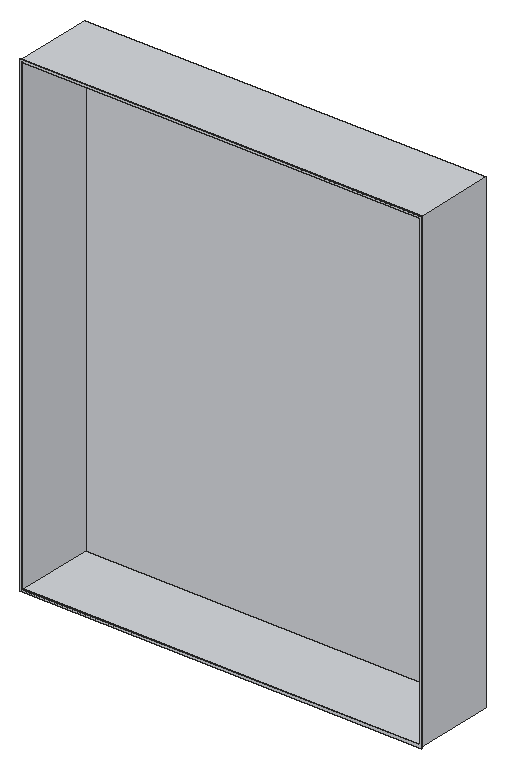
Revit family "Univers-IP30-leer-Unterputz-NoHosted-AT-de", category Electrical Equipment, Revit 2020
Family settings
  Panel Configuration = Two Columns, Circuits Across
  Round Connector Dimension = Use Diameter
  Part Type = Panelboard
  Work Plane-Based = Yes
  Always vertical = Yes
  Cut with Voids When Loaded = No
  Shared = No
  Room Calculation Point = No
Parameters (values of type "Unterputz IP30 B800 H950 T160 0 Teilungseinheiten - FWQ63D1")
  Width Control [instance] = if([HG000006 - Unterputz], if([EF000846 - Einbaubreite] > min_whd, [EF000846 - Einbaubreite], min_whd), if([EF000008 - Breite] > min_whd, ([EF000008 - Breite]), min_whd))  # 800 mm
  Void Depth [instance] = if([EF000218 - Einbautiefe] > 1 mm, [EF000218 - Einbautiefe], 1 mm)  # 160 mm
  Type Comments = [HG000003 - Bereich]  # "Univers"
  System Height [instance] = Height Control - 2 * [HG000005 - Dicke]  # 944 mm
  Panel Name [instance] = ""  # (empty or 0)
  Offset [instance] = 0 mm
  Model = [HG000004 - Herstellerreferenz]  # "FWQ63D1"
  Level Offset [instance] = [Flush Mounted - Door Frame Width] + Offset  # 0 mm
  HG000011 - Leere Reihen von unten = no
  HG000010 - Asymmetrische Türen = no
  HG000009 - Doppelflügeligen Tür = no
  HG000008 - Anzahl der leeren Reihen = 0
  HG000007 - Anzahl der leeren Spalten = 0
  HG000006 - Unterputz = yes
  HG000005 - Dicke = 3 mm  # constant formula
  HG000004 - Herstellerreferenz = "FWQ63D1"
  HG000003 - Bereich = "Univers"
  HG000002 - Mit tür = no
  HG000001 - Anzahl der Spalten = 0
  EF015941 - Signaldurchlassende Tür = no
  EF015777 - Neutralleiterklemmenblock = no
  EF015776 - Erdungsklemmenblock = no
  EF009212 - Ausführung Deckel = "EV009916 - mit Ausschnitt"
  EF006306 - Mit Schloss = no
  EF006244 - Transparenter Deckel/Tür = no
  EF005474 - Schutzart (IP) = "EV006410 - IP30"
  EF004462 - Art der Schließung = "EV000154 - sonstige"
  EF002950 - Breite in Teilungseinheiten = 0
  EF001596 - Werkstoff des Gehäuses = "EV000179 - Stahl"
  EF001134 - DIN-Schiene = no
  EF001131 - Innentiefe = 160 mm
  EF001088 - Anbaumöglichkeit = no
  EF001062 - EMV-Ausführung = no
  EF000846 - Einbaubreite = 800 mm
  EF000339 - Art der Abdeckung = "EV000494 - ohne"
  EF000332 - Einbauhöhe = 950 mm
  EF000266 - Anzahl der Reihen = 0
  EF000218 - Einbautiefe = 160 mm
  EF000118 - Mit Montageplatte = yes
  EF000116 - RAL-Nummer = "9010"
  EF000049 - Tiefe = 160 mm
  EF000040 - Höhe = 950 mm
  EF000008 - Breite = 800 mm
  EF000007 - Farbe = "EV000202 - weiß"
  EF000003 - Montageart = "EV001247 - Aufputz/Unterputz"
  Description = ""
  Default Elevation = 1219.2 mm
  Arrow Offset [instance] = Depth Control / 8  # 20 mm
  Arrow Height [instance] = Depth Control - Arrow Offset  # 140 mm
  Host Offset [instance] = if([HG000006 - Unterputz], 0 mm, [EF000049 - Tiefe])  # 0 mm
  min_whd [instance] = (2 * [HG000005 - Dicke]) + 1 mm  # 7 mm
  Manufacturer = "Hager"  # constant formula
  Height Control [instance] = if([HG000006 - Unterputz], if([EF000332 - Einbauhöhe] > min_whd, [EF000332 - Einbauhöhe], min_whd), if([EF000040 - Höhe] > min_whd, ([EF000040 - Höhe]), min_whd))  # 950 mm
  Flush Mounted - Door Frame Width [instance] = if(([EF000040 - Höhe] - [EF000332 - Einbauhöhe]) > 0 mm, if([HG000006 - Unterputz], [EF000040 - Höhe] - [EF000332 - Einbauhöhe], 0 mm), 0 mm)  # 0 mm
  Tür rechts [instance] = yes
  Tür links [instance] = not(Tür rechts)  # no
  Türschwenkwinkel [instance] = 45.00°
  3D-Türsichtbarkeit [instance] = yes
  Depth Control [instance] = if([HG000006 - Unterputz], if([EF000218 - Einbautiefe] > 0 mm, [EF000218 - Einbautiefe], 1 mm), if([EF000049 - Tiefe] > 0 mm, ([EF000049 - Tiefe]), 1 mm))  # 160 mm
  Sichtbarkeit der Türöffnung [instance] = no
Types (20, lengths in mm): name | Width Control | Void Depth | System Height | Model | HG000004 - Herstellerreferenz | EF001131 - Innentiefe | EF000846 - Einbaubreite | EF000332 - Einbauhöhe | EF000218 - Einbautiefe | EF000118 - Mit Montageplatte | EF000049 - Tiefe | EF000040 - Höhe | EF000008 - Breite | Arrow Offset | Arrow Height | Height Control | Depth Control
  Unterputz IP30 B1050 H1100 T161 0 Teilungseinheiten - FWQ74D1 | 1050 | 161 | 1094 | "FWQ74D1" | "FWQ74D1" | 161 | 1050 | 1100 | 161 | yes | 161 | 1100 | 1050 | 20.125 | 140.875 | 1100 | 161
  Unterputz IP30 B1050 H650 T160 0 Teilungseinheiten - FWQ34D1 | 1050 | 160 | 644 | "FWQ34D1" | "FWQ34D1" | 160 | 1050 | 650 | 160 | yes | 160 | 650 | 1050 | 20 | 140 | 650 | 160
  Unterputz IP30 B1050 H650 T160 0 Teilungseinheiten - FWQ44D1 | 1050 | 160 | 644 | "FWQ44D1" | "FWQ44D1" | 160 | 1050 | 650 | 160 | yes | 160 | 650 | 1050 | 20 | 140 | 650 | 160
  Unterputz IP30 B1050 H800 T160 0 Teilungseinheiten - FWQ54D1 | 1050 | 160 | 794 | "FWQ54D1" | "FWQ54D1" | 160 | 1050 | 800 | 160 | yes | 160 | 800 | 1050 | 20 | 140 | 800 | 160
  Unterputz IP30 B1050 H950 T160 0 Teilungseinheiten - FWQ64D1 | 1050 | 160 | 944 | "FWQ64D1" | "FWQ64D1" | 160 | 1050 | 950 | 160 | yes | 160 | 950 | 1050 | 20 | 140 | 950 | 160
  Unterputz IP30 B300 H1100 T160 0 Teilungseinheiten - FWQ71D1 | 300 | 160 | 1094 | "FWQ71D1" | "FWQ71D1" | 160 | 300 | 1100 | 160 | yes | 160 | 1100 | 300 | 20 | 140 | 1100 | 160
  Unterputz IP30 B300 H500 T160 0 Teilungseinheiten - FWQ31D1 | 300 | 160 | 494 | "FWQ31D1" | "FWQ31D1" | 160 | 300 | 500 | 160 | yes | 160 | 500 | 300 | 20 | 140 | 500 | 160
  Unterputz IP30 B300 H650 T160 0 Teilungseinheiten - FWQ41D1 | 300 | 160 | 644 | "FWQ41D1" | "FWQ41D1" | 160 | 300 | 650 | 160 | yes | 160 | 650 | 300 | 20 | 140 | 650 | 160
  Unterputz IP30 B300 H800 T160 0 Teilungseinheiten - FWQ51D1 | 300 | 160 | 794 | "FWQ51D1" | "FWQ51D1" | 160 | 300 | 800 | 160 | yes | 160 | 800 | 300 | 20 | 140 | 800 | 160
  Unterputz IP30 B300 H950 T160 0 Teilungseinheiten - FWQ61D1 | 300 | 160 | 944 | "FWQ61D1" | "FWQ61D1" | 160 | 300 | 950 | 160 | yes | 160 | 950 | 300 | 20 | 140 | 950 | 160
  Unterputz IP30 B550 H1100 T160 0 Teilungseinheiten - FWQ72D1 | 550 | 160 | 1094 | "FWQ72D1" | "FWQ72D1" | 160 | 550 | 1100 | 160 | yes | 160 | 1100 | 550 | 20 | 140 | 1100 | 160
  Unterputz IP30 B550 H500 T160 0 Teilungseinheiten - FWQ32D1 | 550 | 160 | 494 | "FWQ32D1" | "FWQ32D1" | 160 | 550 | 500 | 160 | yes | 160 | 500 | 550 | 20 | 140 | 500 | 160
  Unterputz IP30 B550 H650 T160 0 Teilungseinheiten - FWQ42D1 | 550 | 160 | 644 | "FWQ42D1" | "FWQ42D1" | 160 | 550 | 650 | 160 | yes | 160 | 650 | 550 | 20 | 140 | 650 | 160
  Unterputz IP30 B550 H800 T160 0 Teilungseinheiten - FWQ52D1 | 550 | 160 | 794 | "FWQ52D1" | "FWQ52D1" | 160 | 550 | 800 | 160 | yes | 160 | 800 | 550 | 20 | 140 | 800 | 160
  Unterputz IP30 B550 H950 T160 0 Teilungseinheiten - FWQ62D1 | 550 | 160 | 944 | "FWQ62D1" | "FWQ62D1" | 160 | 550 | 950 | 160 | yes | 160 | 950 | 550 | 20 | 140 | 950 | 160
  Unterputz IP30 B800 H1100 T161 0 Teilungseinheiten - FWQ73D1 | 800 | 161 | 1094 | "FWQ73D1" | "FWQ73D1" | 161 | 800 | 1100 | 161 | yes | 161 | 1100 | 800 | 20.125 | 140.875 | 1100 | 161
  Unterputz IP30 B800 H500 T160 0 Teilungseinheiten - FWQ33D1 | 800 | 160 | 494 | "FWQ33D1" | "FWQ33D1" | 156 | 800 | 500 | 160 | no | 160 | 500 | 800 | 20 | 140 | 500 | 160
  Unterputz IP30 B800 H650 T160 0 Teilungseinheiten - FWQ43D1 | 800 | 160 | 644 | "FWQ43D1" | "FWQ43D1" | 160 | 800 | 650 | 160 | yes | 160 | 650 | 800 | 20 | 140 | 650 | 160
  Unterputz IP30 B800 H800 T160 0 Teilungseinheiten - FWQ53D1 | 800 | 160 | 794 | "FWQ53D1" | "FWQ53D1" | 160 | 800 | 800 | 160 | yes | 160 | 800 | 800 | 20 | 140 | 800 | 160
  Unterputz IP30 B800 H950 T160 0 Teilungseinheiten - FWQ63D1 | 800 | 160 | 944 | "FWQ63D1" | "FWQ63D1" | 160 | 800 | 950 | 160 | yes | 160 | 950 | 800 | 20 | 140 | 950 | 160
Reference planes
  plane 1 "Center (Front/Back)": y = 0
  plane 2: z = 0
  plane 3 "Center (Left/Right)": x = 0
  plane 4: y = 3
  plane 5: y = 160
  plane 6: y = 0
  plane 7: z = 0
  plane 8: x = -400
  plane 9: x = 400
  plane 10: x = 397
  plane 11: x = -397
  plane 12: z = 0
  plane 13: z = 3
  plane 14: y = 5
  plane 15: y = 0
  plane 16: y = 157
  plane 17: z = 947
  plane 18: z = 950
  plane 19: z = 475
  plane 20: x = 2000
  plane 21: x = 0
  plane 22: y = -2100
  plane 23: y = -100
Forms (mm)
  Extrusion 1, solid
    sketch origin (-208.679, -4572, 0) x (-1, 0, 0) y (0, -1, 0)
      loop
        line (191.321, -4572) -> (-608.679, -4572) -> (-608.679, -4732) -> (191.321, -4732) -> (191.321, -4572)
    from 0 to 950 <- "Height Control"
  Extrusion 2, void
    sketch origin (-350.771, 0, 1219.2) x (1, 0, 0) y (0, 0, 1)
      loop
        line (-46.229, -272.2) -> (-46.229, -1216.2) -> (747.771, -1216.2) -> (747.771, -272.2) -> (-46.229, -272.2)
    from 0 to -157
  Extrusion 3, solid, detail levels coarse
    sketch origin (-350.771, 0, 1219.2) x (-1, 0, 0) y (0, 0, 1)
      loop
        line (46.229, -272.2) -> (-747.771, -272.2) -> (-747.771, -1216.2) -> (46.229, -1216.2) -> (46.229, -272.2)
    from 0 to 3 <- "HG000005 - Dicke"
Cuts and joins
  Extrusion 2 cuts Extrusion 1
Dimensions and locks
  "Flush Mounted - Door Frame Width": plane 1 "Center (Front/Back)" to plane 6
  "HG000005 - Dicke": plane 4 to plane 6
  "HG000005 - Dicke": plane 8 to plane 11
  "HG000005 - Dicke": plane 9 to plane 10
  equal spacing: plane 8, plane 3 "Center (Left/Right)", plane 9
  "Width Control": plane 8 to plane 9
  locked: plane 14 to plane 15 at 5
  "Host Offset": plane 1 "Center (Front/Back)" to plane 15
  "Depth Control": plane 5 to plane 15
  "HG000005 - Dicke": plane 5 to plane 16
  "HG000005 - Dicke": plane 13 to plane 12
  "Level Offset": plane 12 to level
  "HG000005 - Dicke": plane 18 to plane 17
  "Height Control": plane 18 to plane 12
  "Arrow Offset": plane 5 to nested 4
  equal spacing: plane 18, plane 19, plane 12
  locked: connector elem to plane 19
  locked: connector elem to plane 3 "Center (Left/Right)"
  locked: plane 3 "Center (Left/Right)" to plane 20 at 2000
  locked: plane 21 to plane 20 at 2000
  locked: plane 23 to plane 22 at 2000
  aligned and locked: nested 1 to plane 14
  aligned and locked: plane 3 "Center (Left/Right)" to nested 1
  aligned and locked: plane 3 "Center (Left/Right)" to nested 2
  aligned and locked: nested 2 to plane 15
  aligned and locked: Extrusion 1 to plane 5
  aligned and locked: Extrusion 3 sketch curve to plane 17
  aligned and locked: Extrusion 3 sketch curve to plane 11
  aligned and locked: Extrusion 3 sketch curve to plane 13
  aligned and locked: Extrusion 3 sketch curve to plane 10
  aligned and locked: Extrusion 2 sketch curve to plane 13
  aligned and locked: Extrusion 2 sketch curve to plane 10
  aligned and locked: Extrusion 2 sketch curve to plane 17
  aligned and locked: Extrusion 2 sketch curve to plane 11
  aligned and locked: plane 16 to Extrusion 2
  aligned and locked: Extrusion 1 sketch curve to plane 5
  aligned and locked: plane 9 to Extrusion 1 sketch curve
  aligned and locked: plane 8 to Extrusion 1 sketch curve
  aligned and locked: plane 8 to nested 4
  aligned and locked: nested 3 to plane 8
  aligned and locked: nested 3 to plane 5
  aligned and locked: Extrusion 1 sketch curve to plane 15
  aligned and locked: Extrusion 2 to plane 15
Nested families
  nested 1: "Hager_Enclosure_System" at (0, 5, 3), No_Columns <- "HG000001 - Anzahl der Spalten", Flush_Mounted <- "HG000006 - Unterputz", Width <- "EF000008 - Breite", Height <- "System Height", Width_Control <- "Width Control", Row_Module_Multiplicator <- "EF002950 - Breite in Teilungseinheiten", Empty_Columns <- "HG000007 - Anzahl der leeren Spalten", No_Rows <- "EF000266 - Anzahl der Reihen", Built-in_Width <- "EF000846 - Einbaubreite", Border <- "HG000005 - Dicke", Total_No_Empty_Rows <- "HG000008 - Anzahl der leeren Reihen", Depth <- "HG000005 - Dicke", Empty_Rows_From_Bottom <- "HG000011 - Leere Reihen von unten", type "Hager_Enclosure_System", detail levels medium+fine
    with Width_Control 800 mm, Width 800 mm, Total_No_Rows 0, Total_No_Empty_Rows 0, Total_No_Columns 1, System_Width 794 mm, Rows_Column 0, Row_Module_Multiplicator 0, Panel_4 no, Panel_3 no, Panel_2 no, Panel_1 no, No_Rows 0, No_Panels_Ctrl 1, No_Columns 0, Hide_Columns yes, Height 944 mm, Flush_Mounted yes, Empty_Rows_From_Bottom no, Empty_Rows_Column 0, Empty_Columns 0, Depth 3 mm, Column_Width 794 mm, Built-in_Width 800 mm, Border 3 mm
  nested 2: "Hager_Enclosure_Door" at (0, 0, 0), Double <- "HG000009 - Doppelflügeligen Tür", Height_Ctrl <- "Height Control", Transparent <- "EF006244 - Transparenter Deckel/Tür", Depth <- "EF000049 - Tiefe", Height <- "EF000040 - Höhe", Angle <- "Türschwenkwinkel", Door_Right <- "Tür rechts", Assymetrical <- "HG000010 - Asymmetrische Türen", Flush_Mounted <- "HG000006 - Unterputz", BuiltIn_Depth <- "EF000218 - Einbautiefe", BuiltIn_Width <- "EF000846 - Einbaubreite", Door <- "HG000002 - Mit tür", Width_Ctrl <- "Width Control", 3d_Door <- "3D-Türsichtbarkeit", Width <- "EF000008 - Breite", Border <- "HG000005 - Dicke", BuiltIn_Height <- "EF000332 - Einbauhöhe", Clearance <- "Sichtbarkeit der Türöffnung", Door_Left <- "Tür links", type "Hager_Enclosure_Door", detail levels medium+fine
    with min_wh 7 mm, Width_Ctrl 800 mm, Width 800 mm, Transparent no, Leaf_Width 791 mm, Leaf_Tolerance 1.5 mm, Leaf_Height 941 mm, Leaf_2_Width 791 mm, Leaf_2_Offset 395.5 mm, Leaf_1_Width 791 mm, Leaf_1_Offset 395.5 mm, Height_Ctrl 950 mm, Height 950 mm, Frame_Width_Ctrl 1 mm, Frame_Width 0 mm, Frame_Internal_Offset 3 mm, Frame_Height_Ctrl 1 mm, Frame_Height 0 mm, Frame_Depth_Ctrl 1 mm, Frame_Depth 0 mm, Flush_Mounted yes, Double_Clearance_Ctrl no, Double no, Door_Right_Ctrl no, Door_Right yes, Door_Left_Ctrl no, Door_Left no, Door no, Depth 160 mm, Clearance_Depth 791 mm, Clearance_Ctrl no, Clearance no, BuiltIn_Width 800 mm, BuiltIn_Height 950 mm, BuiltIn_Depth 160 mm, Border 3 mm, Assymetrical no, Angle 45.00°, 3d_Door yes
  nested 3: "Hager_Enclosure_Symbol_Triangle" at (-400, 160, 0), Depth <- "Depth Control", Width <- "Width Control", type "Hager_Enclosure_Symbol_Triangle"
    with Width_Ctrl 800 mm, Width 800 mm, Depth_Ctrl 160 mm, Depth 160 mm
  nested 4: "Hager_Enclosure_Symbol_Arrow" at (-400, 140, 0), Height <- "Arrow Height", type "Hager_Enclosure_Symbol_Arrow"
    with Width_Inside 10.5 mm, Width 126 mm, Height_Ctrl 140 mm, Height 140 mm
Connectors
  electrical at (0, 160, 475)
    settings: on plane 5, index 1, voltage 0 V, apparent load 0 VA, apparent load phase1 0 VA, apparent load phase2 0 VA, apparent load phase3 0 VA, power factor 1, load classification "Other", number of poles 1, system type 30, power factor state 1, is connector primary yes, connector utility no, sub classification motor no, connector description ""
Definition of nested family "Hager_Enclosure_Door"
  Parameters (values of type "Hager_Enclosure_Door")
    min_wh [instance] = (2 * Border) + 1 mm  # 11 mm
    Width_Ctrl [instance] = 400 mm
    Width [instance] = 500 mm
    Transparent [instance] = yes
    Leaf_Width [instance] = if((Width_Ctrl - 2 * Border - 2 * Leaf_Tolerance) > 0 mm, (Width_Ctrl - 2 * Border - 2 * Leaf_Tolerance), min_wh)  # 387 mm
    Leaf_Tolerance [instance] = 1.5 mm  # constant formula
    Leaf_Height [instance] = if((Height_Ctrl - 2 * Border - 2 * Leaf_Tolerance) > 0 mm, (Height_Ctrl - 2 * Border - 2 * Leaf_Tolerance), min_wh)  # 387 mm
    Leaf_2_Width [instance] = if(and(and(Double, Assymetrical), Door_Left), (Leaf_Width / 3) - (Leaf_Tolerance / 2), if(and(and(Double, Assymetrical), Door_Right), (Leaf_Width / 3) * 2 - (Leaf_Tolerance / 2), if(and(Double, not(Assymetrical)), (Leaf_Width / 2) - Leaf_Tolerance, Leaf_Width)))  # 192 mm
    Leaf_2_Offset [instance] = if(and(Double, Assymetrical), Leaf_2_Width / 2, if(and(Double, not(Assymetrical)), Leaf_Width / 4, Leaf_Width / 2))  # 96.75 mm
    Leaf_1_Width [instance] = if(and(and(Double, Assymetrical), Door_Right), (Leaf_Width / 3) - (Leaf_Tolerance / 2), if(and(and(Double, Assymetrical), Door_Left), (Width / 3) * 2 - (Leaf_Tolerance / 2), if(and(Double, not(Assymetrical)), (Leaf_Width / 2) - Leaf_Tolerance, Leaf_Width)))  # 192 mm
    Leaf_1_Offset [instance] = if(and(Double, Assymetrical), Leaf_1_Width / 2, if(and(Double, not(Assymetrical)), Leaf_Width / 4, Leaf_Width / 2))  # 96.75 mm
    Height_Ctrl [instance] = 400 mm
    Height [instance] = 500 mm
    Frame_Width_Ctrl [instance] = if(Frame_Width > 0 mm, Frame_Width, 1 mm)  # 1 mm
    Frame_Width [instance] = Width - BuiltIn_Width  # 0 mm
    Frame_Internal_Offset [instance] = if(Flush_Mounted, Border, 0 mm)  # 0 mm
    Frame_Height_Ctrl [instance] = if(Frame_Height > 0 mm, Frame_Height, 1 mm)  # 1 mm
    Frame_Height [instance] = Height - BuiltIn_Height  # 0 mm
    Frame_Depth_Ctrl [instance] = if(Frame_Depth > 0 mm, Frame_Depth, 1 mm)  # 1 mm
    Frame_Depth [instance] = if(Depth - BuiltIn_Depth > 0 mm, if(Flush_Mounted, Depth - BuiltIn_Depth, 0 mm), 0 mm)  # 0 mm
    Flush_Mounted [instance] = no
    Double_Clearance_Ctrl [instance] = and(Double, Clearance)  # yes
    Double [instance] = yes
    Door_Right_Ctrl [instance] = and(or(Door_Right, Double), Door)  # yes
    Door_Right [instance] = yes
    Door_Left_Ctrl [instance] = and(or(Door_Left, Double), Door)  # yes
    Door_Left [instance] = no
    Door [instance] = yes
    Depth [instance] = 500 mm
    Default Elevation = 1219.2 mm
    Clearance_Material = none
    Clearance_Depth [instance] = if(Leaf_1_Width > Leaf_2_Width, Leaf_1_Width, Leaf_2_Width)  # 192 mm
    Clearance_Ctrl [instance] = and(not(Double), Clearance)  # no
    Clearance [instance] = yes
    BuiltIn_Width [instance] = 500 mm
    BuiltIn_Height [instance] = 500 mm
    BuiltIn_Depth [instance] = 500 mm
    Border [instance] = 5 mm
    Assymetrical [instance] = no
    Angle [instance] = 65.00°
    3d_Door [instance] = yes
  Reference planes
    plane 1 "Center (Front/Back)": y = 0
    plane 2 "Bottom": z = 0
    plane 3 "Center (Left/Right)": x = 0
    plane 4: z = 400
    plane 5: x = -200
    plane 6: x = 200
    plane 7: z = 395
    plane 8: x = -195
    plane 9: z = 5
    plane 10: x = 195
    plane 11: y = 0
    plane 12: z = 6.5
    plane 13: x = -387
    plane 14: y = -192
    plane 15: x = 387
    plane 16: x = -96.75
    plane 17: x = 96.75
    plane 18: x = -193.5
    plane 19: x = 193.5
    plane 20: z = 393.5
  Forms (mm)
    Extrusion 1, solid, visible <- "Flush_Mounted"
      sketch origin (0, 0, 0) x (1, 0, 0) y (0, 0, 1)
        loop
          line (200, 0) -> (200, 400) -> (-200, 400) -> (-200, 0) -> (200, 0)
        loop
          line (-201, 401) -> (-201, -1) -> (201, -1) -> (201, 401) -> (-201, 401)
      from 0 to 1 <- "Frame_Depth_Ctrl"
    Extrusion 2, solid, material <- "Clearance_Material", visible <- "Double_Clearance_Ctrl"
      sketch origin (1200, 0, 0) x (1, 0, 0) y (0, 0, -1)
        loop
          line (-1587, -393.5) -> (-813, -393.5) -> (-813, 0) -> (-1587, 0) -> (-1587, -393.5)
      from 0 to -192
  Dimensions and locks
    equal spacing: plane 5, plane 3 "Center (Left/Right)", plane 6
    "Width_Ctrl": plane 5 to plane 6
    "Border": plane 5 to plane 8
    "Border": plane 6 to plane 10
    "Border": plane 9 to level
    "Border": plane 4 to plane 7
    "Height_Ctrl": plane 4 to level
    "Leaf_Tolerance": plane 12 to plane 9
    "Frame_Depth": plane 11 to plane 1 "Center (Front/Back)"
    "Frame_Width_Ctrl": plane 5 to Extrusion 1 sketch curve
    "Frame_Width_Ctrl": plane 6 to Extrusion 1 sketch curve
    "Frame_Width_Ctrl": Extrusion 1 sketch curve to plane 4
    "Frame_Width_Ctrl": plane 2 "Bottom" to Extrusion 1 sketch curve
    "Leaf_1_Offset": plane 18 to plane 16
    "Leaf_2_Offset": plane 17 to plane 19
    "Leaf_1_Width": plane 13 to plane 8
    "Leaf_2_Width": plane 10 to plane 15
    "Clearance_Depth": plane 14 to plane 1 "Center (Front/Back)"
    "Leaf_Tolerance": plane 8 to plane 18
    "Leaf_Tolerance": plane 19 to plane 10
    "Leaf_Tolerance": plane 7 to plane 20
    "Frame_Internal_Offset": plane 5 to Extrusion 1 sketch curve
    "Frame_Internal_Offset": Extrusion 1 sketch curve to plane 2 "Bottom"
    "Frame_Internal_Offset": plane 6 to Extrusion 1 sketch curve
    "Frame_Internal_Offset": plane 4 to Extrusion 1 sketch curve
    aligned and locked: level to plane 2 "Bottom"
    aligned and locked: nested 1 to plane 16
    aligned and locked: nested 2 to plane 17
    aligned and locked: Extrusion 2 to plane 13
    aligned and locked: plane 15 to Extrusion 2
    aligned and locked: Extrusion 2 to plane 14
    aligned and locked: plane 12 to nested 1
    aligned and locked: nested 2 to plane 12
    aligned and locked: Extrusion 2 to plane 11
    aligned and locked: plane 20 to Extrusion 2
    aligned and locked: nested 2 to plane 11
    aligned and locked: nested 1 to plane 11
  Automatic sketch dimensions
    Extrusion 2 sketch curve to level = 0 mm
    plane 5 to Extrusion 2 sketch curve = 187 mm
    plane 6 to Extrusion 2 sketch curve = 187 mm
    Extrusion 2 sketch curve to plane 4 = 6.5 mm
  Nested families
    nested 1: "Hager_Enclosure_Door_Leaf" at (-96.75, 0, 6.5), Width <- "Leaf_1_Width", visible <- "Door_Left_Ctrl", Leaf_Height <- "Leaf_Height", Angle <- "Angle", Depth <- "Border", 3d_Door <- "3d_Door", Transparent <- "Transparent", Clearance Material <- "Clearance_Material", Clearance <- "Clearance_Ctrl", type "Hager_Enclosure_Door_Leaf"
      with Width 192 mm, Transparent_Door_Border 25 mm, Transparent_Ctrl yes, Transparent yes, Standard no, Leaf_Height 387 mm, Glass_Offset 1 mm, Depth 5 mm, Clearance Material none, Clearance no, Angle_Ctrl 65.00°, Angle 65.00°, 3d_Door yes
    nested 2: "Hager_Enclosure_Door_Leaf" at (96.75, 0, 6.5) x (-1, 0, 0) z (0, 0, 1), Width <- "Leaf_2_Width", visible <- "Door_Right_Ctrl", Leaf_Height <- "Leaf_Height", Angle <- "Angle", Depth <- "Border", 3d_Door <- "3d_Door", Transparent <- "Transparent", Clearance Material <- "Clearance_Material", Clearance <- "Clearance_Ctrl", type "Hager_Enclosure_Door_Leaf"
      with Width 192 mm, Transparent_Door_Border 25 mm, Transparent_Ctrl yes, Transparent yes, Standard no, Leaf_Height 387 mm, Glass_Offset 1 mm, Depth 5 mm, Clearance Material none, Clearance no, Angle_Ctrl 65.00°, Angle 65.00°, 3d_Door yes
  Definition of nested family "Hager_Enclosure_Door_Leaf"
    Parameters (values of type "Hager_Enclosure_Door_Leaf")
      Width [instance] = 200 mm
      Transparent_Door_Border [instance] = 25 mm  # constant formula
      Transparent_Ctrl [instance] = and(Transparent, [3d_Door])  # yes
      Transparent [instance] = yes
      Standard [instance] = and(not(Transparent), [3d_Door])  # no
      Leaf_Height [instance] = 500 mm
      Glass_Offset [instance] = if((Depth - 10 mm) / 2 > 0 mm, (Depth - 10 mm) / 2, 1 mm)  # 1 mm
      Glass_Material = none
      Depth [instance] = 3 mm
      Default Elevation = 0 mm
      Clearance Material [instance] = none
      Clearance [instance] = no
      Angle_Ctrl [instance] = if(Angle > 170.00°, 170.00°, Angle)  # 163.00°
      Angle [instance] = 163.00°
      3d_Door [instance] = yes
    Reference planes
      plane 1 "Center (Front/Back)": y = 0
      plane 2: z = 0
      plane 3 "Center (Left/Right)": x = 0
      plane 4: y = 200
      plane 5: x = -100
      plane 6: x = 100
      plane 7: x = -300
      plane 8: z = 500
      plane 9: z = 25
      plane 10: z = 475
      plane 11: x = 75
      plane 12: x = -75
    Forms (mm)
      Extrusion 1, solid, material <- "Clearance Material", visible <- "Clearance"
        sketch origin (0, 0, 0) x (1, 0, 0) y (0, 0, 1)
          loop
            line (-300, 500) -> (-300, 0) -> (100, 0) -> (100, 500) -> (-300, 500)
        from 0 to -200
      Extrusion 2, solid, visible <- "Standard", detail levels fine
        sketch origin (-100, 0, 0) x (-0.956305, 0.292372, 0) y (-0.292372, -0.956305, 0)
          loop
            line (0, -3) -> (200, -3) -> (200, 0) -> (0, 0) -> (0, -3)
        from 0 to 500 <- "Leaf_Height"
      Extrusion 3, solid, visible <- "Transparent_Ctrl", detail levels fine
        sketch origin (-100, 0, 0) x (-0.956305, 0.292372, 0) y (-0.292372, -0.956305, 0)
          loop
            line (0, -3) -> (200, -3) -> (200, 0) -> (0, 0) -> (0, -3)
        from 0 to 500 <- "Leaf_Height"
      Extrusion 4, void, detail levels fine
        sketch origin (-100, 0, 0) x (-0.292372, -0.956305, 0) y (-0.956305, 0.292372, 0)
          loop
            line (0, 25) -> (0, 175) -> (-3, 175) -> (-3, 25) -> (0, 25)
        from -475 to -25
      Extrusion 5, solid, material <- "Glass_Material", visible <- "Transparent_Ctrl", detail levels fine
        sketch origin (-100, 0, 0) x (-0.956305, 0.292372, 0) y (-0.292372, -0.956305, 0)
          loop
            line (25, -1) -> (25, -2) -> (175, -2) -> (175, -1) -> (25, -1)
        from 25 to 475
    Cuts and joins
      Extrusion 4 cuts Extrusion 3
    Lines and regions (mm)
      symbolic lines
        curve 1: line (100, 0, 0) -> (-300, 0, 0)
        curve 2: arc (100, 0, 0) -> (-100, 200, 0) -> (-300, 0, 0) r 200
        curve 4: line (-100, 0, 0) -> (-291.261, 58.474, 0)
      reference lines
        curve 3: line (-100, 0, 0) -> (-291.261, 58.474, 0)
      symbolic lines, detail levels medium+fine
        curve 5: line (-291.261, 58.474, 0) -> (-290.384, 61.343, 0)
        curve 6: line (-290.384, 61.343, 0) -> (-99.123, 2.869, 0)
        curve 7: line (-99.123, 2.869, 0) -> (-100, 0, 0)
      symbolic lines, detail levels fine
        curve 8: line (-100, 0, 500) -> (100, 0, 500)
        curve 9: line (-100, 0, 0) -> (-100, 0, 500)
        curve 10: line (100, 0, 0) -> (-100, 0, 0)
        curve 11: line (100, 0, 500) -> (100, 0, 0)
      symbolic lines, visible <- "Transparent_Ctrl", detail levels fine
        curve 12: line (-75, 0, 475) -> (75, 0, 475)
        curve 13: line (-75, 0, 25) -> (-75, 0, 475)
        curve 14: line (75, 0, 25) -> (-75, 0, 25)
        curve 15: line (75, 0, 475) -> (75, 0, 25)
    Dimensions and locks
      "Width": plane 1 "Center (Front/Back)" to plane 4
      equal spacing: plane 5, plane 3 "Center (Left/Right)", plane 6
      "Width": plane 5 to plane 6
      "Width": plane 7 to plane 5
      "Leaf_Height": plane 8 to level
      "Depth": curve 6 to curve 3
      "Width": curve 5 to curve 3
      "Width": curve 3 to curve 3
      "Transparent_Door_Border": Extrusion 4 sketch curve to curve 7
      "Transparent_Door_Border": Extrusion 4 sketch curve to curve 5
      "Transparent_Door_Border": plane 8 to plane 10
      "Transparent_Door_Border": plane 9 to level
      "Glass_Offset": Extrusion 5 sketch curve to curve 4
      "Glass_Offset": Extrusion 5 sketch curve to curve 6
      "Transparent_Door_Border": Extrusion 5 sketch curve to curve 5
      "Transparent_Door_Border": Extrusion 5 sketch curve to curve 7
      "Transparent_Door_Border": plane 12 to plane 5
      "Transparent_Door_Border": plane 6 to plane 11
      "Angle_Ctrl": angle plane 1 "Center (Front/Back)" to curve 3
      aligned and locked: level to plane 2
      aligned and locked: Extrusion 1 to curve 1
      aligned and locked: plane 6 to Extrusion 1
      aligned and locked: plane 1 "Center (Front/Back)" to Extrusion 1
      aligned and locked: plane 4 to Extrusion 1
      aligned and locked: plane 8 to Extrusion 1
      aligned and locked: curve 4 to curve 3
      aligned and locked: Extrusion 2 sketch curve to curve 7
      aligned and locked: Extrusion 2 sketch curve to curve 6
      aligned and locked: Extrusion 2 sketch curve to curve 5
      aligned and locked: Extrusion 2 sketch curve to curve 3
      aligned and locked: curve 7 to Extrusion 3 sketch curve
      aligned and locked: Extrusion 3 sketch curve to curve 4
      aligned and locked: Extrusion 3 sketch curve to curve 6
      aligned and locked: Extrusion 3 sketch curve to curve 5
      aligned and locked: curve 4 to Extrusion 4 sketch curve
      aligned and locked: curve 6 to Extrusion 4 sketch curve
      aligned and locked: Extrusion 4 to plane 9
      aligned and locked: Extrusion 4 to plane 10
      aligned and locked: Extrusion 5 to plane 9
      aligned and locked: Extrusion 5 to plane 10
      aligned and locked: curve 8 to plane 8
      aligned and locked: plane 5 to curve 9
      aligned and locked: plane 2 to curve 10
      aligned and locked: curve 11 to plane 6
      aligned and locked: plane 10 to curve 12
      aligned and locked: plane 12 to curve 13
      aligned and locked: plane 9 to curve 14
      aligned and locked: plane 11 to curve 15
    Automatic sketch dimensions
      plane 1 "Center (Front/Back)" to curve 2 = 0 mm
      curve 2 to plane 5 = 0 mm
      Extrusion 1 sketch curve to level = 0 mm
      Extrusion 1 sketch curve to plane 7 = 0 mm
      Extrusion 1 sketch curve to plane 6 = 0 mm
      Extrusion 1 sketch curve to plane 8 = 0 mm
      plane 1 "Center (Front/Back)" to curve 3 = 0 mm
      curve 3 to plane 5 = 0 mm
      curve 7 to curve 3 = 0 mm
Definition of nested family "Hager_Enclosure_Symbol_Triangle"
  Parameters (values of type "Hager_Enclosure_Symbol_Triangle")
    Width_Ctrl [instance] = if(Width > 1 mm, Width, 1 mm)  # 498 mm
    Width [instance] = 498 mm
    Depth_Ctrl [instance] = if(Depth > 1 mm, Depth, 1 mm)  # 72 mm
    Depth [instance] = 72 mm
  Reference planes
    plane 1 "Centre (avant/arrière)": y = 0
    plane 2: z = 0
    plane 3 "Centre (gauche/droite)": x = 0
  Lines and regions (mm)
    Filled region 1, type "Solid_Black", in view "Niveau de réf."
      outline origin (0, 0, 0) x (1, 0, 0) y (0, 1, 0)
        loop
          line (0, 0) -> (498, 0) -> (498, 72) -> (0, 0)
    reference lines, in view "Niveau de réf."
      curve 1: line (-206.153, 72, 0) -> (1083.258, 72, 0)
      curve 2: line (498, 405.456, 0) -> (498, -517.619, 0)
  Dimensions and locks
    "Depth_Ctrl": plane 1 "Centre (avant/arrière)" to curve 1
    "Width_Ctrl": plane 3 "Centre (gauche/droite)" to curve 2
    aligned and locked: curve 1 to Filled region 1 sketch curve
    aligned and locked: Filled region 1 sketch curve to plane 1 "Centre (avant/arrière)"
    aligned and locked: curve 2 to Filled region 1 sketch curve
    aligned and locked: plane 3 "Centre (gauche/droite)" to Filled region 1 sketch curve
    aligned and locked: plane 1 "Centre (avant/arrière)" to Filled region 1 sketch curve
  Automatic sketch dimensions
    curve 1 to plane 3 "Centre (gauche/droite)" = 206.153 mm
    curve 2 to curve 1 = 585.258 mm
    plane 1 "Centre (avant/arrière)" to curve 2 = 517.619 mm
    curve 2 to plane 1 "Centre (avant/arrière)" = 405.456 mm
Definition of nested family "Hager_Enclosure_Symbol_Arrow"
  Parameters (values of type "Hager_Enclosure_Symbol_Arrow")
    Width_Inside [instance] = if(Width / 12 > 2 mm, Width / 12, 2 mm)  # 4.987 mm
    Width [instance] = if(Height_Ctrl * 0.9 > 2 mm, Height_Ctrl * 0.9, 2 mm)  # 59.85 mm
    Height_Ctrl [instance] = if(Height > 2 mm, Height, 2 mm)  # 66.5 mm
    Height [instance] = 66.5 mm
  Reference planes
    plane 1 "Centre (avant/arrière)": y = 0
    plane 2: z = 0
    plane 3 "Centre (gauche/droite)": x = 0
    plane 4: x = 59.85
    plane 5: y = 28.263
    plane 6: y = 38.238
    plane 7: y = 66.5
    plane 8: x = 29.925
    plane 9: y = 33.25
  Lines and regions (mm)
    Filled region 1, type "Solid_Black", in view "Niveau de réf."
      outline origin (0, 0, 0) x (1, 0, 0) y (0, 1, 0)
        loop
          line (59.85, 66.5) -> (37.929, 52.827) -> (51.846, 41.935) -> (59.85, 66.5)
    detail lines, in view "Niveau de réf."
      curve 1: line (0, 0, 0) -> (29.925, 38.238, 0)
      curve 2: line (29.925, 38.238, 0) -> (29.925, 28.263, 0)
      curve 3: line (29.925, 28.263, 0) -> (59.85, 66.5, 0)
  Dimensions and locks
    "Width": plane 3 "Centre (gauche/droite)" to plane 4
    "Height_Ctrl": plane 7 to plane 1 "Centre (avant/arrière)"
    equal spacing: plane 3 "Centre (gauche/droite)", plane 8, plane 4
    equal spacing: plane 7, plane 9, plane 1 "Centre (avant/arrière)"
    equal spacing: plane 6, plane 9, plane 5
    "Width_Inside": plane 6 to plane 9
    equal spacing: curve 3, Filled region 1 sketch curve, Filled region 1 sketch curve
    angle Filled region 1 sketch curve to curve 3 = 20.00°
    angle curve 3 to Filled region 1 sketch curve = 20.00°
    locked: curve 3 to Filled region 1 sketch curve (angle 90.00°)
  Automatic sketch dimensions
    plane 1 "Centre (avant/arrière)" to curve 1 = 0 mm
    curve 1 to plane 3 "Centre (gauche/droite)" = 0 mm
    curve 2 to plane 6 = 0 mm
    curve 3 to plane 8 = 0 mm
    curve 3 to plane 4 = 0 mm
    curve 2 to plane 5 = 0 mm
    curve 3 to plane 7 = 0 mm
    Filled region 1 sketch curve to plane 4 = 0 mm
    Filled region 1 sketch curve to plane 7 = 0 mm
